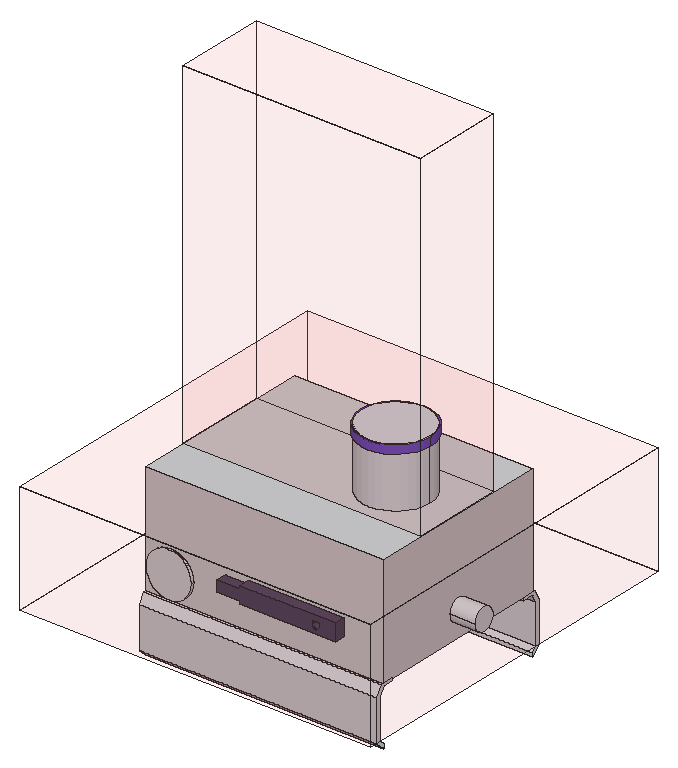
Revit family "DATABAR Single Outlet Tap Off Unit", category Electrical Equipment, host Face, Revit 2018
Family settings
  Host = Face
  Panel Configuration = Two Columns, Circuits Across
  Round Connector Dimension = Use Diameter
  Part Type = Panelboard
  OmniClass Number = 23.80.30.11.17
  OmniClass Title = Distribution Boards and Control Panels
  Cut with Voids When Loaded = No
  Shared = No
  Room Calculation Point = No
Parameters (values of type "Single Outlet 16A - SP")
  Version = "A"  # constant formula
  Tier 3 [instance] = no
  Tier 2 [instance] = no
  Tier 1 [instance] = no
  Manufacturer = "Anord Mardix"  # constant formula
  Description = "Tap Off Unit, Single Outlet, 16A, SP"
  Default Elevation = 1219.2 mm
  Databar System Name [instance] = ""
  Clearance Area [instance] = yes
  AMG_Tap_Off_Width = 165 mm
  AMG_Tap_Off_Socket_Height = 53 mm
  AMG_Tap_Off_Length = 210 mm
  AMG_Tap_Off_Height = 98 mm
  AMG_Socket Distance [instance] = 55 mm  # constant formula
  AMG_Clearance_Width [instance] = 50 mm  # constant formula
Types (15, lengths in mm): name | Description | AMG_Tap_Off_Width | AMG_Tap_Off_Height
  Single Outlet 16A - SP&Meter | "Tap Off Unit, Single Outlet, 16A, SP&Meter" | 165 | 98
  Single Outlet 16A - TP | "Tap Off Unit, Single Outlet, 16A, TP" | 165 | 98
  Single Outlet 16A - DP | "Tap Off Unit, Single Outlet, 16A, DP" | 165 | 98
  Single Outlet 16A - SP | "Tap Off Unit, Single Outlet, 16A, SP" | 165 | 98
  Single Outlet 32A - SP | "Tap Off Unit, Single Outlet, 32A, SP" | 165 | 98
  Single Outlet 32A - DP | "Tap Off Unit, Single Outlet, 32A, DP" | 165 | 98
  Single Outlet 32A - TP | "Tap Off Unit, Single Outlet, 32A, TP" | 165 | 98
  Single Outlet 32A - SP&Meter | "Tap Off Unit, Single Outlet, 32A, SP&Meter" | 165 | 98
  Single Outlet 16A - TP&Meter | "Tap Off Unit, Single Outlet, 16A, TP&Meter" | 165 | 182
  Single Outlet 63A - SP | "Tap Off Unit, Single Outlet, 63A, SP" | 165 | 98
  Single Outlet 32A - TP&Meter | "Tap Off Unit, Single Outlet, 32A, TP&Meter" | 159 | 182
  Single Outlet 63A - DP | "Tap Off Unit, Single Outlet, 63A, DP" | 165 | 98
  Single Outlet 63A - TP | "Tap Off Unit, Single Outlet, 63A, TP" | 165 | 98
  Single Outlet 63A - SP&Meter | "Tap Off Unit, Single Outlet, 63A, SP&Meter" | 165 | 98
  Single Outlet 63A - TP&Meter | "Tap Off Unit, Single Outlet, 63A, TP&Meter" | 165 | 182
Reference planes
  plane 1 "Center (Front/Back)": y = 0
  plane 2: z = 0
  plane 3 "Center (Left/Right)": x = 0
  plane 4: z = 47.664
  plane 5: x = -105
  plane 6: x = 50
  plane 7: x = 105
  plane 8: x = 155
  plane 9: x = -155
  plane 10: y = -159
  plane 11: y = 159
  plane 12: z = 98
  plane 13: z = 151
  plane 14: z = 201
  plane 15: x = -63
  plane 16: z = 23
  plane 17: x = 128
Forms (mm)
  Extrusion 1, solid, detail levels fine
    sketch origin (0, 0, -50) x (0, 1, 0) y (0, 0, 1)
      loop
        line (82.5, 2.316) -> (82.5, -1.277) -> (89.248, 5.471) -> (89.248, 41.814) -> (84.449, 50.125) -> (72.919, 50.125) -> (72.919, 47.72) -> (82.044, 47.72) -> (86.092, 40.709) -> (86.092, 5.908) -> (82.5, 2.316)
      loop
        line (-82.5, 2.316) -> (-86.092, 5.908) -> (-86.092, 40.709) -> (-82.044, 47.72) -> (-72.919, 47.72) -> (-72.919, 50.125) -> (-84.449, 50.125) -> (-89.248, 41.814) -> (-89.248, 5.471) -> (-82.5, -1.277) -> (-82.5, 2.316)
    from -105 to 105
  Extrusion 2, solid, material "AMG_Casing"
    sketch origin (0, 0, 0) x (1, 0, 0) y (0, 0, 1)
      loop
        line (-105, 98) -> (-105, 0) -> (105, 0) -> (105, 98) -> (-105, 98)
    from -82.5 to 82.5
  Extrusion 3, solid
    sketch origin (0.392, 0, 0) x (1, 0, 0) y (0, 0, 1)
      loop
        circle (-83.392, 21.055) r 20
    from 82.5 to 84.5
  Extrusion 4, solid
    sketch origin (0, 0, -24.86) x (0, 1, 0) y (0, 0, 1)
      loop
        circle (0, 47.86) r 9.6
    from 105 to 128
Lines and regions (mm)
  reference lines
    curve 1: line (-105, 0, 0) -> (105, 0, 0)
  model lines
    curve 2: line (-105, 86.092, 0) -> (105, 86.092, 0)
    curve 3: line (-105, -86.092, 0) -> (-105, 86.092, 0)
    curve 4: line (105, -86.092, 0) -> (-105, -86.092, 0)
    curve 5: line (105, 86.092, 0) -> (105, -86.092, 0)
Dimensions and locks
  host sketch curve to host sketch curve = 165.221 mm
  host sketch curve to plane 1 "Center (Front/Back)" to host sketch curve = 82.611 mm, 82.611 mm
  plane 4 to level = 47.664 mm
  "AMG_Tap_Off_Length": plane 5 to plane 7
  "AMG_Clearance_Width": plane 7 to plane 8
  "AMG_Clearance_Width": plane 9 to plane 5
  "AMG_Tap_Off_Height": plane 12 to level
  "AMG_Tap_Off_Socket_Height": plane 13 to plane 12
  "AMG_Socket Distance": plane 6 to plane 7
  equal spacing: plane 5, plane 3 "Center (Left/Right)", plane 7, locked at 105 each
  locked: plane 11 to plane 10 at 318
  equal spacing: plane 11, plane 1 "Center (Front/Back)", plane 10, locked at 159 each
  "AMG_Clearance_Width": plane 14 to plane 13
  locked: plane 15 to plane 5 at 42
  locked: plane 17 to plane 7 at 23
  aligned and locked: plane 2 to host face
  aligned and locked: level to host face
  aligned and locked: Extrusion 1 to plane 5
  aligned and locked: plane 5 to curve 1
  aligned and locked: plane 7 to curve 1
  aligned and locked: plane 1 "Center (Front/Back)" to curve 1
  aligned and locked: curve 5 to plane 7
  aligned and locked: curve 4 to Extrusion 1
  aligned and locked: curve 2 to Extrusion 1
  aligned and locked: Extrusion 2 to level
  aligned and locked: Extrusion 2 to plane 5
  aligned and locked: plane 12 to Extrusion 2
  aligned and locked: plane 7 to Extrusion 2
  aligned and locked: nested 1 to plane 12
  aligned and locked: nested 2 to Extrusion 2
  aligned and locked: plane 6 to nested 1
  aligned and locked: plane 6 to nested 2
  aligned and locked: plane 3 "Center (Left/Right)" to text3d elem
  aligned and locked: text3d elem to text3d elem
  aligned and locked: nested 3 to plane 12
  aligned and locked: nested 4 to plane 10
  aligned and locked: plane 11 to nested 4
  aligned and locked: nested 4 to plane 8
  aligned and locked: plane 9 to nested 4
  aligned and locked: nested 4 to host face
  aligned and locked: nested 3 to plane 5
  aligned and locked: nested 3 to plane 7
  aligned and locked: plane 15 to Extrusion 3
  aligned and locked: plane 16 to Extrusion 4
  aligned and locked: Extrusion 4 to plane 7
  aligned and locked: plane 17 to Extrusion 4
  aligned and locked: plane 5 to nested 5
  aligned and locked: plane 7 to nested 5
  aligned and locked: plane 5 to nested 6
  aligned and locked: plane 7 to nested 6
  aligned and locked: plane 5 to nested 8
  aligned and locked: plane 7 to nested 8
  aligned and locked: plane 3 "Center (Left/Right)" to nested 7
Automatic sketch dimensions
  host sketch curve to host sketch curve = 750.298 mm
  curve 4 to plane 5 = 0 mm
  plane 10 to Extrusion 1 sketch curve = 69.752 mm
  Extrusion 1 sketch curve to level = 9.291 mm
  Extrusion 1 sketch curve to Extrusion 1 sketch curve = 3.156 mm  (x2)
  level to Extrusion 1 sketch curve = 0.125 mm  (x2)
  Extrusion 1 sketch curve to Extrusion 1 sketch curve = 1.642 mm
  Extrusion 1 sketch curve to Extrusion 1 sketch curve = 3.592 mm  (x4)
  Extrusion 1 sketch curve to Extrusion 1 sketch curve = 2.405 mm  (x2)
  Extrusion 1 sketch curve to Extrusion 1 sketch curve = 9.125 mm  (x2)
  Extrusion 1 sketch curve to plane 1 "Center (Front/Back)" = 72.919 mm
  Extrusion 1 sketch curve to level = 2.28 mm  (x2)
  Extrusion 1 sketch curve to Extrusion 1 sketch curve = 0.456 mm
  Extrusion 1 sketch curve to Extrusion 1 sketch curve = 34.802 mm
  Extrusion 1 sketch curve to Extrusion 1 sketch curve = 41.812 mm
  Extrusion 1 sketch curve to Extrusion 1 sketch curve = 0.437 mm  (x2)
  Extrusion 1 sketch curve to Extrusion 1 sketch curve = 3.593 mm  (x2)
  Extrusion 1 sketch curve to Extrusion 1 sketch curve = 7.011 mm
  Extrusion 1 sketch curve to Extrusion 1 sketch curve = 1.105 mm  (x2)
  Extrusion 2 sketch curve to level = 0 mm
  Extrusion 2 sketch curve to plane 5 = 0 mm
  Extrusion 2 sketch curve to plane 7 = 0 mm
  Extrusion 2 sketch curve to plane 12 = 0 mm
  plane 5 to Extrusion 3 sketch curve = 22 mm
  level to Extrusion 3 sketch curve = 21.055 mm
  Extrusion 4 sketch curve to plane 1 "Center (Front/Back)" = 0 mm
  Extrusion 4 sketch curve to plane 4 = 24.664 mm
  radius of Extrusion 3 sketch curve = 20 mm
  radius of Extrusion 4 sketch curve = 9.6 mm
Nested families
  nested 1: "Commando Socket" at (50, 0, 98), AMG_Tap_Off_Socket_Height <- "AMG_Tap_Off_Socket_Height", type "Commando Socket"
    with AMG_Tap_Off_Socket_Height 53 mm
  nested 2: "Tap off Handle" at (-34.593, -92.265, 25.295), type "Tap off Handle"
  nested 3: "AMG_Clearance Zone" at (105, 40, 398) x (-1, 0, 0) z (0, 0, 1), visible <- "Clearance Area", type "AMG_Clearance Zone"
    with Clearance Width 210 mm, Clearance Height 300 mm, Clearance Depth 81.638 mm
  nested 4: "AMG_Clearance Zone" at (155, 159, 98) x (-1, 0, 0) z (0, 0, 1), visible <- "Clearance Area", Clearance Height <- "AMG_Tap_Off_Height", type "AMG_Clearance Zone"
    with Clearance Width 310 mm, Clearance Height 98 mm, Clearance Depth 318 mm
  nested 5: "Tier 1 Symbol" at (0, 0, 0), visible <- "Tier 1", type "Tier 1 Symbol"
    with Symbol Width 165 mm, Symbol Length 210 mm
  nested 6: "Tier 2 Symbol" at (0, 0, 0), visible <- "Tier 2", type "Tier 2 Symbol"
    with Symbol Width 165 mm, Symbol Length 210 mm
  nested 7: "Single Commando symbol" at (0, -30, 0), type "Single Commando symbol"
    with Symbol Width 400 mm, Symbol Length 1320 mm
  nested 8: "Tier 3 Symbol" at (0, 0, 0), visible <- "Tier 3", type "Tier 3 Symbol"
    with Symbol Width 165 mm, Symbol Length 210 mm
Connectors
  electrical at (50, 0, 151)
    settings: on nested 1, index 1, voltage 0 V, apparent load 0 VA, apparent load phase1 0 VA, apparent load phase2 0 VA, apparent load phase3 0 VA, power factor 1, load classification "Other", number of poles 1, system type 31, power factor state 1, is connector primary yes, connector utility no, sub classification motor no, connector description ""
Definition of nested family "Commando Socket"
  Parameters (values of type "Commando Socket")
    AMG_Tap_Off_Socket_Height [instance] = 305.003 mm
    AMG_Tap_Off_Commando_Blue = none
  Reference planes
    plane 1 "Center (Front/Back)": y = 0
    plane 2: z = 0
    plane 3 "Center (Left/Right)": x = 0
    plane 4: z = 305.003
  Forms (mm)
    Extrusion 1, solid
      sketch origin (0, 0, 0) x (1, 0, 0) y (0, 1, 0)
        loop
          circle (0, 0) r 30
      from 0 to 305.003
    Extrusion 2, solid
      sketch origin (0, 0, 0) x (1, 0, 0) y (0, 1, 0)
        loop
          circle (0, 0) r 31
      from 297.567 to 305.003
  Lines and regions (mm)
    reference lines
      curve 1: line (0, 30, 0) -> (0, -31, 0)
      curve 2: line (0, 0, 305.003) -> (0, 0, 0)
  Dimensions and locks
    "AMG_Tap_Off_Socket_Height": plane 4 to level
    locked: plane 4 to Extrusion 2 at 7.436
    aligned and locked: level to plane 2
    aligned and locked: plane 4 to Extrusion 1
    aligned and locked: plane 4 to Extrusion 2
    aligned and locked: plane 4 to curve 2
  Automatic sketch dimensions
    plane 1 "Center (Front/Back)" to Extrusion 1 sketch curve = 0 mm
    Extrusion 1 sketch curve to plane 3 "Center (Left/Right)" = 0 mm
    curve 2 to level = 0 mm
    curve 2 to plane 3 "Center (Left/Right)" = 0 mm
    plane 1 "Center (Front/Back)" to Extrusion 2 sketch curve = 0 mm
    Extrusion 2 sketch curve to plane 3 "Center (Left/Right)" = 0 mm
    curve 1 to plane 3 "Center (Left/Right)" = 0 mm
    plane 1 "Center (Front/Back)" to curve 1 = 31 mm
    curve 1 to plane 1 "Center (Front/Back)" = 30 mm
    radius of Extrusion 1 sketch curve = 30 mm
    radius of Extrusion 2 sketch curve = 31 mm
Definition of nested family "Tap off Handle"
  Reference planes
    plane 1 "Center (Front/Back)": y = 0
    plane 2: z = 0
    plane 3 "Center (Left/Right)": x = 0
  Forms (mm)
    Extrusion 1, solid, detail levels fine
      sketch origin (113.026, 93.258, -23.535) x (-1, 0, 0) y (0, 0, -1)
        loop
          line (8.026, -23.535) -> (8.026, -38.535) -> (92.622, -38.535) -> (92.622, -35.491) -> (113.026, -35.491) -> (113.026, -26.579) -> (92.622, -26.579) -> (92.622, -23.535) -> (8.026, -23.535)
        loop
          circle (24.973, -30.879) r 3.46
      from 83.493 to 93.258
  Lines and regions (mm)
    reference lines
      curve 1: line (52.5, 9.765, 0) -> (52.5, 0, 0)
      curve 2: line (0, 0, 7.5) -> (105, 0, 7.5)
  Dimensions and locks
    aligned and locked: level to plane 2
Definition of nested family "AMG_Clearance Zone"
  Parameters (values of type "AMG_Clearance Zone")
    Clearance Width [instance] = 1768.367 mm
    Clearance Height [instance] = 1507.908 mm
    Clearance Depth [instance] = 1507.908 mm
  Reference planes
    plane 1 "Center (Front/Back)": y = 0
    plane 2: z = 0
    plane 3 "Center (Left/Right)": x = 0
    plane 4: x = 1768.367
    plane 5: y = 1507.908
    plane 6: z = -1507.908
  Forms (mm)
    Extrusion 1, solid
      sketch origin (0, 0, 0) x (1, 0, 0) y (0, 1, 0)
        loop
          line (0, 0) -> (1768.367, 0) -> (1768.367, 1507.908) -> (0, 1507.908) -> (0, 0)
      from 0 to -1507.908
  Dimensions and locks
    "Clearance Height": level to plane 6
    "Clearance Width": plane 4 to plane 3 "Center (Left/Right)"
    "Clearance Depth": plane 5 to plane 1 "Center (Front/Back)"
    aligned and locked: level to plane 2
    aligned and locked: plane 1 "Center (Front/Back)" to Extrusion 1 sketch curve
    aligned and locked: Extrusion 1 sketch curve to plane 3 "Center (Left/Right)"
    aligned and locked: plane 5 to Extrusion 1
    aligned and locked: Extrusion 1 to plane 4
    aligned and locked: plane 6 to Extrusion 1
  Automatic sketch dimensions
    Extrusion 1 sketch curve to plane 4 = 0 mm
    Extrusion 1 sketch curve to plane 5 = 0 mm
Definition of nested family "Tier 1 Symbol"
  Parameters (values of type "Switchgear Panel symbol.0002")
    Symbol Width [instance] = 400 mm
    Symbol Length [instance] = 1320 mm
  Reference planes
    plane 1 "Center (Front/Back)": y = 0
    plane 2: z = 0
    plane 3 "Center (Left/Right)": x = 0
    plane 4: y = 200
    plane 5: y = -200
    plane 6: x = -660
    plane 7: x = 660
  Lines and regions (mm)
    Filled region 1, type "Solid", in view "Ref. Level"
      outline origin (0, 0, 0) x (1, 0, 0) y (0, 1, 0)
        loop
          line (-660, 200) -> (-660, -200) -> (660, -200) -> (660, 200) -> (-660, 200)
    detail lines, in view "Ref. Level"
      curve 1: line (-660, 200, 0) -> (660, 200, 0)
      curve 2: line (-660, -200, 0) -> (-660, 200, 0)
      curve 3: line (660, -200, 0) -> (-660, -200, 0)
      curve 4: line (660, 200, 0) -> (660, -200, 0)
  Dimensions and locks
    equal spacing: plane 4, plane 1 "Center (Front/Back)", plane 5
    "Symbol Length": plane 6 to plane 7
    equal spacing: plane 6, plane 3 "Center (Left/Right)", plane 7
    "Symbol Width": plane 4 to plane 5
    aligned and locked: plane 7 to Filled region 1
    aligned and locked: Filled region 1 to plane 5
    aligned and locked: Filled region 1 to plane 6
    aligned and locked: plane 4 to Filled region 1
    aligned and locked: plane 6 to curve 2
    aligned and locked: curve 4 to plane 7
    aligned and locked: plane 5 to curve 3
    aligned and locked: curve 1 to plane 4
  Automatic sketch dimensions
    plane 5 to Filled region 1 sketch curve = 0 mm
    Filled region 1 sketch curve to plane 3 "Center (Left/Right)" = 660 mm
    Filled region 1 sketch curve to plane 7 = 0 mm
    Filled region 1 sketch curve to plane 4 = 0 mm
Definition of nested family "Tier 2 Symbol"
  Parameters (values of type "Tier 2 Symbol")
    Symbol Width [instance] = 400 mm
    Symbol Length [instance] = 1320 mm
  Reference planes
    plane 1 "Center (Front/Back)": y = 0
    plane 2: z = 0
    plane 3 "Center (Left/Right)": x = 0
    plane 4: y = 200
    plane 5: y = -200
    plane 6: x = -660
    plane 7: x = 660
  Lines and regions (mm)
    Filled region 1, type "Tier 2", in view "Ref. Level"
      outline origin (0, 0, 0) x (1, 0, 0) y (0, 1, 0)
        loop
          line (-660, 200) -> (-660, -200) -> (660, -200) -> (660, 200) -> (-660, 200)
    detail lines, in view "Ref. Level"
      curve 1: line (-660, 200, 0) -> (660, 200, 0)
      curve 2: line (-660, -200, 0) -> (-660, 200, 0)
      curve 3: line (660, -200, 0) -> (-660, -200, 0)
      curve 4: line (660, 200, 0) -> (660, -200, 0)
  Dimensions and locks
    equal spacing: plane 4, plane 1 "Center (Front/Back)", plane 5
    "Symbol Length": plane 6 to plane 7
    equal spacing: plane 6, plane 3 "Center (Left/Right)", plane 7
    "Symbol Width": plane 4 to plane 5
    aligned and locked: plane 7 to Filled region 1
    aligned and locked: Filled region 1 to plane 5
    aligned and locked: Filled region 1 to plane 6
    aligned and locked: plane 4 to Filled region 1
    aligned and locked: plane 6 to curve 2
    aligned and locked: curve 4 to plane 7
    aligned and locked: plane 5 to curve 3
    aligned and locked: curve 1 to plane 4
  Automatic sketch dimensions
    plane 5 to Filled region 1 sketch curve = 0 mm
    Filled region 1 sketch curve to plane 3 "Center (Left/Right)" = 660 mm
    Filled region 1 sketch curve to plane 7 = 0 mm
    Filled region 1 sketch curve to plane 4 = 0 mm
Definition of nested family "Single Commando symbol"
  Parameters (values of type "Single Commando symbol")
    Symbol Width [instance] = 400 mm
    Symbol Length [instance] = 1320 mm
  Reference planes
    plane 1 "Center (Front/Back)": y = 0
    plane 2: z = 0
    plane 3 "Center (Left/Right)": x = 0
  Lines and regions (mm)
    detail lines, in view "Ref. Level"
      curve 1: line (-30, -30, 0) -> (30, -30, 0)
      curve 2: line (-30, 30, 0) -> (-30, -30, 0)
      curve 3: line (30, 30, 0) -> (-30, 30, 0)
      curve 4: line (30, -30, 0) -> (30, 30, 0)
      curve 5: line (0, 30, 0) -> (0, 60, 0)
      curve 6: line (-30, -30, 0) -> (30, 30, 0)
      curve 7: line (0, 60, 0) -> (30, 60, 0)
Definition of nested family "Tier 3 Symbol"
  Parameters (values of type "Tier 3 Symbol")
    Symbol Width [instance] = 400 mm
    Symbol Length [instance] = 1320 mm
  Reference planes
    plane 1 "Center (Front/Back)": y = 0
    plane 2: z = 0
    plane 3 "Center (Left/Right)": x = 0
    plane 4: y = 200
    plane 5: y = -200
    plane 6: x = -660
    plane 7: x = 660
  Lines and regions (mm)
    Filled region 1, type "Tier 3", in view "Ref. Level"
      outline origin (0, 0, 0) x (1, 0, 0) y (0, 1, 0)
        loop
          line (-660, 200) -> (-660, -200) -> (660, -200) -> (660, 200) -> (-660, 200)
    detail lines, in view "Ref. Level"
      curve 1: line (-660, 200, 0) -> (660, 200, 0)
      curve 2: line (-660, -200, 0) -> (-660, 170, 0)
      curve 3: line (660, -200, 0) -> (-660, -200, 0)
      curve 4: line (660, 200, 0) -> (660, -200, 0)
  Dimensions and locks
    equal spacing: plane 4, plane 1 "Center (Front/Back)", plane 5
    "Symbol Length": plane 6 to plane 7
    equal spacing: plane 6, plane 3 "Center (Left/Right)", plane 7
    "Symbol Width": plane 4 to plane 5
    aligned and locked: plane 7 to Filled region 1
    aligned and locked: Filled region 1 to plane 5
    aligned and locked: Filled region 1 to plane 6
    aligned and locked: plane 4 to Filled region 1
    aligned and locked: plane 6 to curve 2
    aligned and locked: curve 4 to plane 7
    aligned and locked: plane 5 to curve 3
    aligned and locked: curve 1 to plane 4
  Automatic sketch dimensions
    plane 5 to Filled region 1 sketch curve = 0 mm
    Filled region 1 sketch curve to plane 3 "Center (Left/Right)" = 660 mm
    Filled region 1 sketch curve to plane 7 = 0 mm
    Filled region 1 sketch curve to plane 4 = 0 mm
    curve 1 to plane 6 = 0 mm
    curve 2 to curve 1 = 30 mm
